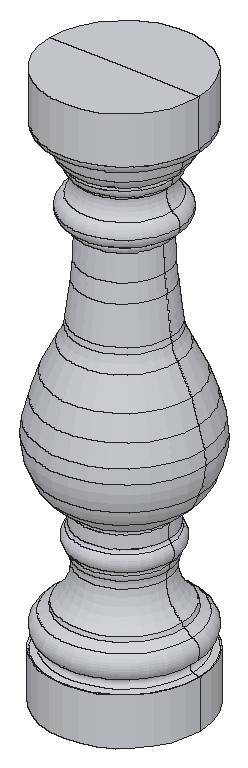
Revit family
Parameters (values of type "Balustrade G27")
  Width = 0' - 7 1/8"
  URL = "www.strombergarchitectural.com"
  Top Material = none
  Submittal Sheet = "www.strombergarchitectural.com/images/materials/gfrc/submittal/gfrc-submittal-sheet.pdf"
  Specifications = "www.strombergarchitectural.com/gfrcspecifications"
  Model Cut-sheet = "http://www.strombergarchitectural.com/products/balustrade/design/G27"
  Model = "Balustrade G27"
  Manufacturer = "Stromberg Architectural Products"
  Guidebook = "www.strombergarchitectural.com/images/materials/gfrc/handbooks/gfrc_guidebook.pdf   \r\n(http://www.strombergarchitectural.com/images/materials/gfrc/handbooks/gfrc_guidebook.pdf"
  Description = "GFRC Baluster"
  Assembly Code = ""
  Height = 2' - 3"
  XXX.5 = no
  XXX.4 = no
  XXX.3 = no
  XXX.2 = no
  XXX.1 = yes
Reference planes (in)
  plane 1 "Center (Front/Back)": y = 3.74847
  plane 2: z = 0
  plane 3 "Center (Left/Right)": x = 0.7278
  plane 4 "Front": y = -3.25153
  plane 5 "Back": y = 10.74847
  plane 6 "Left": x = -17.2722
  plane 7 "Right": x = 18.7278
Forms (in)
  Revolve 1, solid
    sketch origin (0, 3.74847, 0) x (1, 0, 0) y (0, 0, 1)
      loop
        line (0.7278, 26.9885) -> (-2.8363, 26.9885) -> (-2.8363, 24.7385)
        arc (-2.8363, 24.7385) -> (-2.74654, 24.51017) -> (-2.54091, 24.37634) r 0.40255
        line (-2.54091, 24.37634) -> (-2.2113, 24.301) -> (-2.00043, 23.62047)
        arc (-2.00043, 23.62047) -> (-1.82597, 23.33745) -> (-1.55505, 23.14475) r 0.83644
        line (-1.55505, 23.14475) -> (-1.55505, 22.98682)
        arc (-1.55505, 22.98682) -> (-1.51996, 22.80891) -> (-1.40827, 22.66605) r 0.39039
        arc (-1.40827, 22.66605) -> (-1.34052, 22.60429) -> (-1.30505, 22.51975) r 0.21268
        arc (-1.30505, 22.51975) -> (-1.31129, 22.05596) -> (-1.53616, 21.65029) r 0.95098
        arc (-1.53616, 21.65029) -> (-1.80114, 21.41968) -> (-1.8988, 21.08225) r 0.62163
        arc (-1.8988, 21.08225) -> (-1.75561, 20.72544) -> (-1.3988, 20.58225) r 0.4893
        line (-1.3988, 20.58225) -> (-1.3988, 20.48104)
        arc (-1.3988, 20.48104) -> (-1.34686, 20.27743) -> (-1.1488, 20.20725) r 0.22315
        arc (-1.1488, 20.20725) -> (-1.16902, 19.55092) -> (-1.20074, 18.89504) r 37.47907
        arc (-1.20074, 18.89504) -> (-1.23154, 18.45692) -> (-1.2738, 18.01975) r 16.76574
        arc (-1.2738, 18.01975) -> (-1.3726, 17.15069) -> (-1.47785, 16.2824) r 117.56481
        arc (-1.47785, 16.2824) -> (-1.49762, 16.15051) -> (-1.5238, 16.01975) r 2.7314
        arc (-1.5238, 16.01975) -> (-1.63851, 15.65476) -> (-1.81161, 15.31356) r 2.32156
        arc (-1.81161, 15.31356) -> (-2.16449, 14.68073) -> (-2.4613, 14.01975) r 8.36763
        arc (-2.4613, 14.01975) -> (-2.65621, 13.50158) -> (-2.83134, 12.97638) r 14.5957
        arc (-2.83134, 12.97638) -> (-2.98009, 12.50374) -> (-3.0863, 12.01975) r 5.57556
        arc (-3.0863, 12.01975) -> (-3.13021, 11.69031) -> (-3.14122, 11.35815) r 3.34546
        arc (-3.14122, 11.35815) -> (-3.06645, 10.67125) -> (-2.8363, 10.01975) r 2.99572
        arc (-2.8363, 10.01975) -> (-2.6651, 9.60996) -> (-2.41139, 9.24545) r 2.0955
        arc (-2.41139, 9.24545) -> (-1.96892, 8.8065) -> (-1.46572, 8.43875) r 4.15043
        arc (-1.46572, 8.43875) -> (-1.40964, 8.36321) -> (-1.3988, 8.26975) r 0.18194
        line (-1.3988, 8.26975) -> (-1.3988, 7.64014)
        arc (-1.3988, 7.64014) -> (-1.42048, 7.5383) -> (-1.48177, 7.45412) r 0.25
        arc (-1.48177, 7.45412) -> (-1.64881, 7.07965) -> (-1.48177, 6.70518) r 0.50328
        arc (-1.48177, 6.70518) -> (-1.4201, 6.62015) -> (-1.39881, 6.51728) r 0.25
        arc (-1.39881, 6.51728) -> (-1.38341, 6.38951) -> (-1.3363, 6.26975) r 0.50625
        arc (-1.3363, 6.26975) -> (-1.28657, 6.08533) -> (-1.2738, 5.89475) r 0.97356
        arc (-1.2738, 5.89475) -> (-1.46125, 4.99569) -> (-2.0238, 4.26975) r 2.0416
        line (-2.0238, 4.26975) -> (-2.0863, 4.08225) -> (-2.53267, 3.82372)
        arc (-2.53267, 3.82372) -> (-2.83423, 3.25651) -> (-2.4933, 2.71206) r 0.6419
        arc (-2.4933, 2.71206) -> (-2.39928, 2.51338) -> (-2.5238, 2.33225) r 0.22036
        line (-2.5238, 2.33225) -> (-2.8363, 2.26975) -> (-2.8956, 2.26975) -> (-2.8956, 0) -> (0.7278, 0) -> (0.7278, 26.9885)
      axis (0.7278, 26.9885) -> (0.7278, 0)
    angle from 0 to 360
Dimensions and locks (in)
  aligned and locked: level to plane 2
